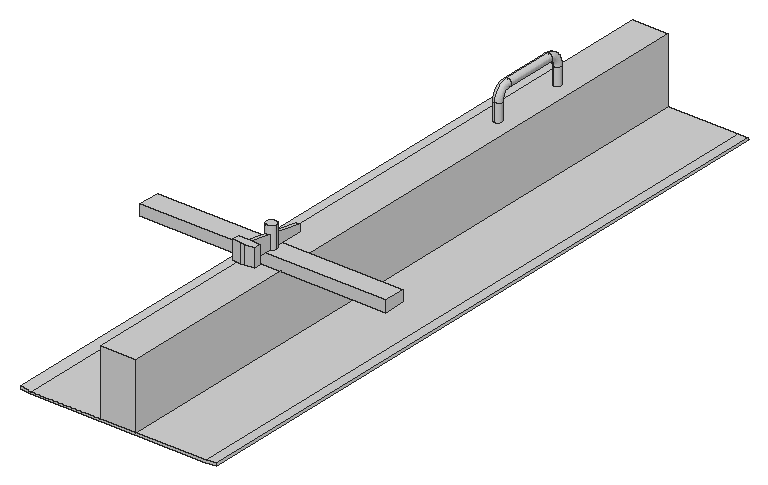
Revit family "MF_COMPENSATION PLATE 4'_1904217", category Generic Models, Revit 2018
Family settings
  Can host rebar = No
  Round Connector Dimension = Use Diameter
  Part Type = Normal
  OmniClass Number = 35.51.14.00
  OmniClass Title = FORMWORK
  Work Plane-Based = Yes
  Always vertical = No
  Cut with Voids When Loaded = No
  Shared = Yes
  Room Calculation Point = No
Parameters
  VERSION = "20190101"  # constant formula
  URL = "www.ulmaconstruction.com/en"
  UNICLASS = ""
  ITEM_CODE = "1904217"
  Manufacturer = "ULMA CONSTRUCTION"  # constant formula
  FILTER [instance] = ""
  Default Elevation = 0"
  CLASSIFICATION_TITLE = ""
  CLASSIFICATION_NUMBER = ""
Reference planes (in)
  plane 1 "Centro (Frontal/Posterior)": y = 0
  plane 2: z = 0
  plane 3 "Centro (Izquierda/Derecha)": x = 0
  plane 4 "ITEM_HEIGHT": y = -48
  plane 5: y = -33
  plane 6: y = -15
  plane 7 "MIDDLE": x = -1.27953
  plane 8 "TIE HOLE 1": y = -1.61417
  plane 9 "TIE HOLE 3": y = -46.38583
  plane 10 "TIE HOLE 2": y = -21.45669
Forms (in)
  Extrusion 1, solid, material "ULMA ZINC"
    sketch origin (0, 0, 0) x (1, 0, 0) y (0, 0, 1)
      loop
        line (5.02268, -4.88189) -> (5.80709, -4.81326) -> (5.79336, -4.65638) -> (5.01581, -4.72441) -> (-7.57486, -4.72441) -> (-8.35242, -4.65638) -> (-8.36614, -4.81326) -> (-7.58174, -4.88189) -> (5.02268, -4.88189)
    from 0 to 48
  Extrusion 2, solid, material "ULMA ZINC"
    sketch origin (0, 0, 0) x (1, 0, 0) y (0, 0, 1)
      loop
        line (-2.55906, 0) -> (-2.55906, -4.72441) -> (0, -4.72441) -> (0, 0) -> (-2.55906, 0)
    from 0 to 48
  Extrusion 3, solid, material "ULMA ZINC", detail levels fine
    sketch origin (0, 13.82031, 0) x (0, 1, 0) y (0, 0, 1)
      loop
        line (-48.7874, 0.7874) -> (-48.7874, 0) -> (-47.2126, 0) -> (-47.2126, 0.7874) -> (-48.7874, 0.7874)
    from -10.1378 to 7.57874
  Extrusion 4, solid, material "ULMA ZINC", detail levels fine
    sketch origin (0, 13.82031, 0) x (1, 0, 0) y (0, 1, 0)
      loop
        circle (-1.27953, -48) r 0.35433
    from 0.7874 to 2.32283
  Extrusion 5, solid, material "ULMA ZINC", detail levels fine
    sketch origin (0, 13.82031, 0) x (0, 1, 0) y (0, 0, 1)
      loop
        line (-45.63881, 0.7874) -> (-45.59652, 1.25795) -> (-50.0699, 2.06858) -> (-50.0699, 0.7874) -> (-45.63881, 0.7874)
    from -1.41732 to -1.14173
  Extrusion 6, solid, material "ULMA ZINC", detail levels fine
    sketch origin (0, 13.82031, 0) x (1, 0, 0) y (0, 1, 0)
      loop
        line (-1.27953, -49.91655) -> (-2.06693, -49.99898) -> (-2.06693, -50.48782) -> (-1.41732, -50.57956) -> (-1.14173, -50.57956) -> (-0.49213, -50.48782) -> (-0.49213, -49.99898) -> (-1.27953, -49.91655)
    from 0.7874 to 2.09809
  Sweep 7, solid, material "ULMA ZINC", detail levels fine
    path in 3D
      loop
        line (-1.27953, -13.74456, 0) -> (-1.27953, -13.74456, 1.25984)
        arc (-1.27953, -13.74456, 1.25984) -> (-1.27953, -13.50189, 1.8457) -> (-1.27953, -12.91603, 2.08837) r 0.82852
        line (-1.27953, -12.91603, 2.08837) -> (-1.27953, -9.21524, 2.08837)
        arc (-1.27953, -9.21524, 2.08837) -> (-1.27953, -8.62939, 1.8457) -> (-1.27953, -8.38672, 1.25984) r 0.82852
        line (-1.27953, -8.38672, 1.25984) -> (-1.27953, -8.38672, 0)
    profile origin (-1.27953, -13.74456, 0.62992) x (0, -1, 0) y (1, 0, 0)
      loop
        circle (0, 0) r 0.27539
Cuts and joins
  joined: Extrusion 5, Extrusion 6
Lines and regions (in)
  model lines, style "ULMA PANELS", detail levels fine
    curve 1: circle (0, -33, -1.72441) r 0.40354 normal (1, 0, 0)
    curve 2: circle (-2.55906, -33, -1.72441) r 0.40354 normal (1, 0, 0)
    curve 3: circle (0, -15, -1.72441) r 0.40354 normal (1, 0, 0)
    curve 4: circle (-2.55906, -15, -1.72441) r 0.40354 normal (1, 0, 0)
    curve 10: circle (-1.27953, -1.61417, 0) r 0.82677 normal (0, 0, 1)
    curve 11: circle (-1.27953, -1.61417, -4.88189) r 0.82677 normal (0, 0, 1)
    curve 12: circle (-1.27953, -46.38583, 0) r 0.82677 normal (0, 0, 1)
    curve 13: circle (-1.27953, -46.38583, -4.88189) r 0.82677 normal (0, 0, 1)
    curve 14: arc (-0.35433, -21.00591, 0) -> (-1.27953, -20.08071, 0) -> (-2.20472, -21.00591, 0) r 0.9252
    curve 15: line (-2.20472, -21.00591, 0) -> (-2.20472, -21.91142, 0)
    curve 16: arc (-2.20472, -21.91142, 0) -> (-1.27953, -22.83661, 0) -> (-0.35433, -21.91142, 0) r 0.9252
    curve 17: line (-0.35433, -21.91142, 0) -> (-0.35433, -21.00591, 0)
    curve 18: circle (-1.27953, -21.45669, -4.88189) r 0.82677 normal (0, 0, 1)
  sketch lines
    curve 5: line (-1.27953, -13.74456, 0) -> (-1.27953, -13.74456, 1.25984)
    curve 6: arc (-1.27953, -13.74456, 1.25984) -> (-1.27953, -13.50189, 1.8457) -> (-1.27953, -12.91603, 2.08837) r 0.82852
    curve 7: line (-1.27953, -12.91603, 2.08837) -> (-1.27953, -9.21524, 2.08837)
    curve 8: arc (-1.27953, -9.21524, 2.08837) -> (-1.27953, -8.62939, 1.8457) -> (-1.27953, -8.38672, 1.25984) r 0.82852
    curve 9: line (-1.27953, -8.38672, 1.25984) -> (-1.27953, -8.38672, 0)
Dimensions and locks (in)
  locked: plane 4 "ITEM_HEIGHT" to plane 1 "Centro (Frontal/Posterior)" at 48
  locked: plane 6 to plane 1 "Centro (Frontal/Posterior)" at 15
  locked: plane 7 "MIDDLE" to plane 3 "Centro (Izquierda/Derecha)" at 1.27953
  aligned and locked: level to plane 2
  aligned and locked: Extrusion 2 to plane 4 "ITEM_HEIGHT"
  aligned and locked: Extrusion 1 to plane 4 "ITEM_HEIGHT"
